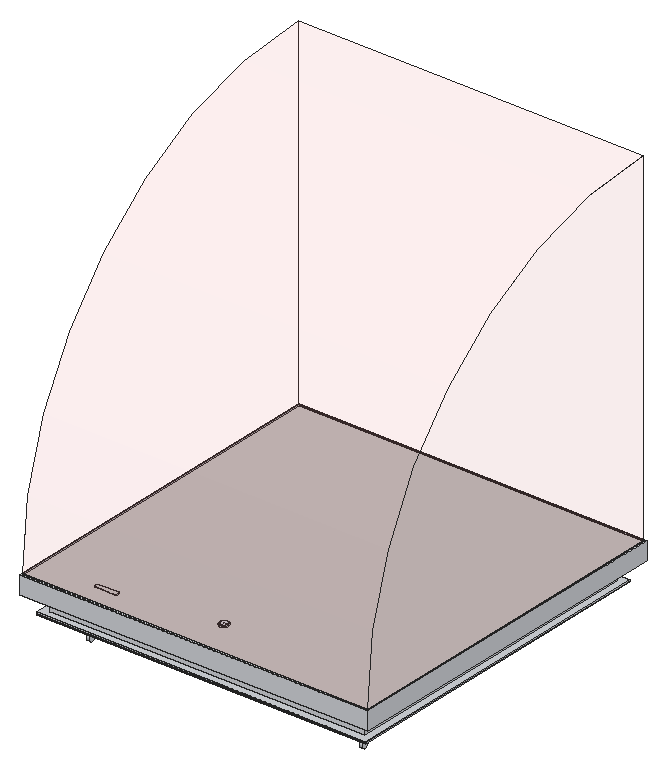
Revit family "Door_Access_Fire-Floor_Acudor_FRFD", category Generic Models, host Face, Revit 2020
Family settings
  Host = Face
  Can host rebar = No
  Round Connector Dimension = Use Diameter
  Part Type = Normal
  Cut with Voids When Loaded = No
  Shared = No
  Room Calculation Point = No
Parameters (values of type "48 x 48 Nom")
  Warranty Duration (Years) = 0
  Unit Width = 4' - 0"
  Unit Weight = 280
  Unit Height = 4' - 0"
  Unit Depth = 0' - 8"
  URL = "http://www.acudor.com/"
  Test Data = ""
  Swing Clearance Visible [instance] = yes
  Standards Conformance = "NFPA 288  ;   ASTM E119  ;  Warnock Hersey International"
  Specification = ""
  SpecWizard = ""
  Send Message = ""
  Sales Information = "http://www.acudor.com/contactus"
  Revision = "R1_2017-03"
  Product Properties = ""
  Product Data = "http://www.arcat.com/arcatcos/cos30/arc30126.html"
  Overall Width = 4' - 10"
  Overall Height = 4' - 10"
  Opening Width = Unit Width  # 4' - 0"
  Opening Height = Unit Height  # 4' - 0"
  Opening Depth [instance] = 1' - 0"
  Model = "FRFD"
  Manufacturer Website = "http://www.acudor.com/"
  Manufacturer Phone - Toll Free = "800-722-0501"
  Manufacturer Phone = "973-575-5120"
  Manufacturer Fax = "973-575-5160"
  Manufacturer Address = "80 Little Falls Rd.  Fairfield, NJ 07004"
  Manufacturer = "Acudor Products Inc"
  Maintenance Schedule (Months) = 0
  Keynote = ""
  Installation-Fabrication = ""
  Installation Phase = ""
  Green Building-LEED = "http://www.arcat.com/green/clients/leed_data_30126.html"
  Fixture Finish [instance] = Metal - Acudor - Aluminum Diamond Plated
  Fire Performance = "2 HR Floor Ceiling Assembly"
  Expected Lifespan (Years) = 0
  Drawn By = "Sumex Design, Inc. / Robert S. Weygant, CSI, CDT, SCIP"
  Door Width = Overall Width - 0' 0 1/2"  # 4' - 9 1/2"
  Door Height = Overall Height - 0' 0 1/2"  # 4' - 9 1/2"
  Description = "Acudor Fire Rated Flush Floor Access Door - FRFD as Specified"
  Default Elevation = 0' - 0"  # constant formula
  Copyright = "©Arcat Inc."
  Construction Details = ""
  Clearance Material [instance] = ARCAT Clearance
  Clear Opening Width = 4' - 0"
  Clear Opening Height = 3' - 8"
  Capacity = "Live Load 150 lbs/sqft"
  Available Options [instance] = "as Specified"
  Assembly Code = ""
Types (9): name | Unit Width | Unit Weight | Unit Height | Overall Width | Overall Height | Opening Width | Opening Height | Door Width | Door Height | Clear Opening Width | Clear Opening Height
  48 x 48 Nom | 4' - 0" | 280 | 4' - 0" | 4' - 10" | 4' - 10" | 4' - 0" | 4' - 0" | 4' - 9 1/2" | 4' - 9 1/2" | 4' - 0" | 3' - 8"
  42 x 42 Nom | 3' - 6" | 250 | 3' - 6" | 4' - 4" | 4' - 4" | 3' - 6" | 3' - 6" | 4' - 3 1/2" | 4' - 3 1/2" | 3' - 6" | 3' - 2"
  36 x 48 Nom | 3' - 0" | 240 | 4' - 0" | 3' - 10" | 4' - 10" | 3' - 0" | 4' - 0" | 3' - 9 1/2" | 4' - 9 1/2" | 4' - 0" | 2' - 8"
  36 x 36 Nom | 3' - 0" | 190 | 3' - 0" | 3' - 10" | 3' - 10" | 3' - 0" | 3' - 0" | 3' - 9 1/2" | 3' - 9 1/2" | 3' - 0" | 2' - 8"
  30 x 36 Nom | 2' - 6" | 160 | 3' - 0" | 3' - 4" | 3' - 10" | 2' - 6" | 3' - 0" | 3' - 3 1/2" | 3' - 9 1/2" | 3' - 0" | 2' - 2"
  30 x 30 Nom | 2' - 6" | 130 | 2' - 6" | 3' - 4" | 3' - 4" | 2' - 6" | 2' - 6" | 3' - 3 1/2" | 3' - 3 1/2" | 2' - 6" | 2' - 2"
  24 x 48 Nom | 2' - 0" | 160 | 4' - 0" | 2' - 10" | 4' - 10" | 2' - 0" | 4' - 0" | 2' - 9 1/2" | 4' - 9 1/2" | 4' - 0" | 1' - 8"
  24 x 36 Nom | 2' - 0" | 140 | 3' - 0" | 2' - 10" | 3' - 10" | 2' - 0" | 3' - 0" | 2' - 9 1/2" | 3' - 9 1/2" | 3' - 0" | 1' - 8"
  24 x 24 Nom | 2' - 0" | 80 | 2' - 0" | 2' - 10" | 2' - 10" | 2' - 0" | 2' - 0" | 2' - 9 1/2" | 2' - 9 1/2" | 2' - 0" | 1' - 8"
Reference planes (in)
  plane 1 "Center (Front/Back)": y = 1.28343
  plane 2: z = 0
  plane 3 "Center (Left/Right)": x = 0
  plane 4: y = 25.28343
  plane 5: y = -22.71657
  plane 6: x = -24
  plane 7: x = 24
  plane 8: z = 0
  plane 9: y = 30.28343
  plane 10: y = -27.71657
  plane 11: x = -29
  plane 12: x = 29
  plane 13: z = -8
  plane 14: x = -24
  plane 15: x = 24
  plane 16: y = 25.28343
  plane 17: y = -22.71657
  plane 18: z = -12
  plane 19: x = -28.75
  plane 20: x = 28.75
Forms (in)
  Extrusion 1, void
    sketch origin (0, 0, 0) x (1, 0, 0) y (0, 1, 0)
      loop
        line (-24, 25.28343) -> (-24, -22.71657) -> (24, -22.71657) -> (24, 25.28343) -> (-24, 25.28343)
    from -12 to 0
  Extrusion 2, void
    sketch origin (0, 0, 0) x (1, 0, 0) y (0, 1, 0)
      loop
        line (-29, 30.28343) -> (-29, -27.71657) -> (29, -27.71657) -> (29, 30.28343) -> (-29, 30.28343)
    from 0 to -3
  Sweep 3, solid
    path origin (0, 0, 0) x (1, 0, 0) y (0, 1, 0)
      loop
        line (-29, 30.28343) -> (-29, -27.71657) -> (29, -27.71657) -> (29, 30.28343) -> (-29, 30.28343)
    profile origin (0, 30.28343, 0) x (0, 1, 0) y (0, 0, 1)
      loop
        line (0, 0) -> (-0.25, 0) -> (-0.25, -2.75) -> (-3, -2.75) -> (-3, -3) -> (0, -3) -> (0, 0)
  Sweep 4, solid
    path origin (0, 0, 0) x (1, 0, 0) y (0, 1, 0)
      loop
        line (-29, 30.28343) -> (-29, -27.71657) -> (29, -27.71657) -> (29, 30.28343) -> (-29, 30.28343)
    profile origin (0, 30.28343, 0) x (0, 1, 0) y (0, 0, 1)
      loop
        line (-3, -3) -> (-3, -6) -> (-1.5, -6) -> (-1.5, -5.75) -> (-2.75, -5.75) -> (-2.75, -3.25) -> (-1.5, -3.25) -> (-1.5, -3) -> (-3, -3)
  Sweep 5, void
    path origin (0, 0, 0) x (1, 0, 0) y (0, 1, 0)
      loop
        line (-26, 27.28343) -> (-26, -24.71657) -> (26, -24.71657) -> (26, 27.28343) -> (-26, 27.28343)
    profile origin (0, 27.28343, 0) x (0, 1, 0) y (0, 0, 1)
      loop
        line (1.5, -3) -> (0, -3) -> (0, -6) -> (1.5, -6) -> (1.5, -5.75) -> (0.25, -5.75) -> (0.25, -3.25) -> (1.5, -3.25) -> (1.5, -3)
  Extrusion 6, void
    sketch origin (0, 0, 0) x (1, 0, 0) y (0, 1, 0)
      loop
        line (-26, 27.28343) -> (-26, -24.71657) -> (26, -24.71657) -> (26, 27.28343) -> (-26, 27.28343)
    from -6 to -3
  Sweep 7, solid
    path origin (0, 0, 0) x (1, 0, 0) y (0, 1, 0)
      loop
        line (-29, 30.28343) -> (-29, -27.71657) -> (29, -27.71657) -> (29, 30.28343) -> (-29, 30.28343)
    profile origin (0, 30.28343, 0) x (0, 1, 0) y (0, 0, 1)
      loop
        line (-1.5, -6) -> (-5, -6) -> (-5, -8) -> (-4.875, -8) -> (-4.875, -6.125) -> (-1.5, -6.125) -> (-1.5, -6)
  Sweep 8, void
    path origin (0, 0, 0) x (1, 0, 0) y (0, 1, 0)
      loop
        line (-29, 30.28343) -> (-29, -27.71657) -> (29, -27.71657) -> (29, 30.28343) -> (-29, 30.28343)
    profile origin (0, 30.28343, 0) x (0, 1, 0) y (0, 0, 1)
      loop
        line (-5, -6) -> (-5, -8) -> (-4.875, -8) -> (-4.875, -6.125) -> (-1.5, -6.125) -> (-1.5, -6) -> (-5, -6)
  Extrusion 9, solid
    sketch origin (0, 0, 0) x (1, 0, 0) y (0, 1, 0)
      loop
        line (-28.75, 30.03343) -> (-28.75, -27.46657) -> (28.75, -27.46657) -> (28.75, 30.03343) -> (-28.75, 30.03343)
    from 0 to -2.75
  Extrusion 10, solid
    sketch origin (0, 0, 0) x (1, 0, 0) y (0, 1, 0)
      loop
        line (-25.5, 26.78343) -> (-25.5, -24.21657) -> (25.5, -24.21657) -> (25.5, 26.78343) -> (-25.5, 26.78343)
    from -6 to -2.75
  Extrusion 11, solid
    sketch origin (24, 19.13326, 48) x (0, 1, 0) y (0, 0, 1)
      loop
        line (-40.34983, -54.125) -> (-40.34983, -55.375) -> (-40.03733, -55.375) -> (-40.03733, -57.68497)
        arc (-40.03733, -57.68497) -> (-39.97483, -58.68105) -> (-39.91233, -57.68497) r 0.5
        line (-39.91233, -57.68497) -> (-39.91233, -55.375) -> (-39.59983, -55.375) -> (-39.59983, -54.125) -> (-40.34983, -54.125)
    from -1.5 to -1
  Extrusion 12, solid
    sketch origin (-24, 19.13326, 48) x (0, 1, 0) y (0, 0, 1)
      loop
        line (-40.34983, -54.125) -> (-40.34983, -55.375) -> (-40.03733, -55.375) -> (-40.03733, -57.68497)
        arc (-40.03733, -57.68497) -> (-39.97483, -58.68105) -> (-39.91233, -57.68497) r 0.5
        line (-39.91233, -57.68497) -> (-39.91233, -55.375) -> (-39.59983, -55.375) -> (-39.59983, -54.125) -> (-40.34983, -54.125)
    from 1.5 to 1
  Extrusion 13, solid, material "Metal - Acudor - Aluminum Diamond Plated" <- "Fixture Finish"
    sketch origin (0, 0, 0) x (1, 0, 0) y (0, 1, 0)
      loop
        arc (-19.31977, -23.40898) -> (-19.49655, -23.48221) -> (-19.56977, -23.65898) r 0.25
        line (-19.56977, -23.65898) -> (-19.56977, -23.90898)
        arc (-19.56977, -23.90898) -> (-19.49655, -24.08576) -> (-19.31977, -24.15898) r 0.25
        line (-19.31977, -24.15898) -> (-16.06977, -24.15898)
        arc (-16.06977, -24.15898) -> (-15.893, -24.08576) -> (-15.81977, -23.90898) r 0.25
        line (-15.81977, -23.90898) -> (-15.81977, -23.65898)
        arc (-15.81977, -23.65898) -> (-15.893, -23.48221) -> (-16.06977, -23.40898) r 0.25
        line (-16.06977, -23.40898) -> (-19.31977, -23.40898)
    from 0 to -2.04273
  Extrusion 14, solid
    sketch origin (0, 0, 0) x (1, 0, 0) y (0, 1, 0)
      loop
        circle (0, -21.49023) r 0.75
    from 0 to 0.0625
  Extrusion 15, solid
    sketch origin (0, 0, 0) x (1, 0, 0) y (0, 1, 0)
      loop
        circle (0, -21.49023) r 0.62422
      loop
        line (-0.56975, -21.39055) -> (-0.56975, -21.5899) -> (0.56975, -21.5899) -> (0.56975, -21.39055) -> (-0.56975, -21.39055)
    from 0 to 0.18343
  Extrusion 16, solid, material "ARCAT Clearance" <- "Clearance Material", visible <- "Swing Clearance Visible"
    sketch origin (0, 0, 0) x (0, 1, 0) y (0, 0, 1)
      loop
        arc (30.03343, 57.5) -> (-10.62521, 40.65864) -> (-27.46657, 0) r 57.5
        line (-27.46657, 0) -> (30.03343, 0) -> (30.03343, 57.5)
    from -28.75 to 28.75
Dimensions and locks (in)
  locked: plane 8 to level
  equal spacing: plane 4, plane 1 "Center (Front/Back)", plane 5
  "Unit Height": plane 4 to plane 5
  equal spacing: plane 6, plane 3 "Center (Left/Right)", plane 7
  "Unit Width": plane 6 to plane 7
  equal spacing: plane 11, plane 3 "Center (Left/Right)", plane 12
  equal spacing: plane 9, plane 1 "Center (Front/Back)", plane 10
  "Overall Width": plane 11 to plane 12
  "Overall Height": plane 9 to plane 10
  "Unit Depth": plane 8 to plane 13
  equal spacing: plane 16, plane 1 "Center (Front/Back)", plane 17
  equal spacing: plane 14, plane 3 "Center (Left/Right)", plane 15
  "Opening Width": plane 14 to plane 15
  "Opening Height": plane 16 to plane 17
  "Opening Depth": level to plane 18
  locked: plane 11 to Sweep 5 sketch curve at 3
  locked: Sweep 5 sketch curve to plane 12 at 3
  locked: plane 9 to Sweep 5 sketch curve at 3
  locked: Sweep 5 sketch curve to plane 10 at 3
  locked: plane 9 to Extrusion 6 sketch curve at 3
  locked: Extrusion 6 sketch curve to plane 10 at 3
  locked: plane 11 to Extrusion 6 sketch curve at 3
  locked: Extrusion 6 sketch curve to plane 12 at 3
  locked: plane 9 to Extrusion 9 sketch curve at 0.25
  locked: plane 11 to Extrusion 9 sketch curve at 0.25
  locked: Extrusion 9 sketch curve to plane 12 at 0.25
  locked: Extrusion 9 sketch curve to plane 10 at 0.25
  locked: plane 9 to Extrusion 10 sketch curve at 3.5
  locked: plane 11 to Extrusion 10 sketch curve at 3.5
  locked: Extrusion 10 sketch curve to plane 12 at 3.5
  locked: Extrusion 10 sketch curve to plane 10 at 3.5
  Extrusion 11 sketch curve to Extrusion 11 sketch curve to Extrusion 11 sketch curve to plane 13 to Extrusion 11 sketch curve = 0' - 1 1/4" locked, 0' - 0" locked, 0' - 0 5/8" locked, 0' - 2.18105" locked
  Extrusion 12 sketch curve to Extrusion 12 sketch curve to Extrusion 12 sketch curve to plane 13 to Extrusion 12 sketch curve = 0' - 1 1/4" locked, 0' - 0" locked, 0' - 0 5/8" locked, 0' - 2.18105" locked
  plane 17 to Extrusion 11 sketch curve to Extrusion 11 sketch curve to Extrusion 11 sketch curve to Extrusion 11 sketch curve to Extrusion 11 sketch curve = 0' - 1 1/2" locked, 0' - 0 5/16" locked, 0' - 0 1/16" locked, 0' - 0 1/16" locked, 0' - 0 5/16" locked
  plane 17 to Extrusion 12 sketch curve to Extrusion 12 sketch curve to Extrusion 12 sketch curve to Extrusion 12 sketch curve to Extrusion 12 sketch curve = 0' - 1 1/2" locked, 0' - 0 5/16" locked, 0' - 0 1/16" locked, 0' - 0 1/16" locked, 0' - 0 5/16" locked
  Extrusion 13 sketch curve to Extrusion 13 sketch curve to plane 10 = 0' - 0 3/4" locked, 0' - 3.55759" locked
  plane 11 to Extrusion 13 sketch curve to Extrusion 13 sketch curve = 0' - 9.43023" locked, 0' - 3 3/4" locked
  Extrusion 15 sketch curve to Extrusion 15 sketch curve to Extrusion 15 sketch curve to plane 10 = 0' - 0.09968" locked, 0' - 0.09968" locked, 0' - 6.12667" locked
  locked: Extrusion 14 sketch curve to plane 10 at 6.22634
  locked: Extrusion 16 sketch curve to plane 9 at 0.25
  locked: plane 10 to Extrusion 16 sketch curve at 0.25
  locked: plane 11 to plane 19 at 0.25
  locked: plane 12 to plane 20 at 0.25
  "Door Height": radius of Extrusion 16 sketch curve
  aligned and locked: host face to plane 2
  aligned and locked: host face to level
  aligned and locked: Extrusion 1 sketch curve to plane 16
  aligned and locked: Extrusion 1 sketch curve to plane 14
  aligned and locked: Extrusion 1 sketch curve to plane 17
  aligned and locked: Extrusion 1 sketch curve to plane 15
  aligned and locked: Extrusion 1 to plane 18
  aligned and locked: plane 8 to Extrusion 1
  aligned and locked: Extrusion 2 sketch curve to plane 9
  aligned and locked: Extrusion 2 sketch curve to plane 11
  aligned and locked: Extrusion 2 sketch curve to plane 10
  aligned and locked: Extrusion 2 sketch curve to plane 12
  aligned and locked: Sweep 3 sketch curve to plane 9
  aligned and locked: Sweep 3 sketch curve to plane 11
  aligned and locked: Sweep 3 sketch curve to plane 10
  aligned and locked: Sweep 3 sketch curve to plane 12
  aligned and locked: Sweep 4 sketch curve to Sweep 3  (x4)
  aligned and locked: Sweep 7 sketch curve to Sweep 3  (x3)
  aligned and locked: Sweep 7 sketch curve to plane 12
  aligned and locked: Sweep 8 sketch curve to Sweep 3  (x4)
  aligned and locked: Extrusion 16 to plane 20
  aligned and locked: Extrusion 16 to plane 19
Automatic sketch dimensions
  host sketch curve to host sketch curve = 12' - 11.75605"
  host sketch curve to host sketch curve = 12' - 7.74281"
  Sweep 3 sketch curve to level = 0' - 0"
  Sweep 3 sketch curve to profile plane = 0' - 0"
  profile plane to Sweep 3 sketch curve = 0' - 0 1/4"
  Sweep 3 sketch curve to Sweep 3 sketch curve = 0' - 2 3/4"  (x2)
  Sweep 3 sketch curve to Sweep 3 sketch curve = 0' - 0 1/4"
  profile plane to Sweep 4 sketch curve = 0' - 3"
  Sweep 4 sketch curve to Sweep 4 sketch curve = 0' - 0 1/4"  (x3)
  Sweep 4 sketch curve to Sweep 4 sketch curve = 0' - 1 1/4"  (x2)
  Sweep 4 sketch curve to level = 0' - 6"
  Sweep 4 sketch curve to Sweep 4 sketch curve = 0' - 2 1/2"
  Sweep 5 sketch curve to profile plane = 0' - 0"
  Sweep 5 sketch curve to profile plane = 0' - 0 1/4"
  Sweep 5 sketch curve to Sweep 5 sketch curve = 0' - 1 1/4"  (x2)
  Sweep 5 sketch curve to level = 0' - 6"
  Sweep 5 sketch curve to Sweep 5 sketch curve = 0' - 0 1/4"  (x2)
  Sweep 5 sketch curve to Sweep 5 sketch curve = 0' - 2 1/2"
  profile plane to Sweep 7 sketch curve = 0' - 5"
  Sweep 7 sketch curve to Sweep 7 sketch curve = 0' - 0 1/8"  (x2)
  Sweep 7 sketch curve to level = 0' - 8"
  Sweep 7 sketch curve to Sweep 7 sketch curve = 0' - 1 7/8"
  profile plane to Sweep 7 sketch curve = 0' - 1 1/2"
  profile plane to Sweep 8 sketch curve = 0' - 5"
  Sweep 8 sketch curve to Sweep 8 sketch curve = 0' - 0 1/8"  (x2)
  profile plane to Sweep 8 sketch curve = 0' - 1 1/2"
  Sweep 8 sketch curve to level = 0' - 8"
  Sweep 8 sketch curve to Sweep 8 sketch curve = 0' - 1 7/8"
  Extrusion 11 sketch curve to Extrusion 11 sketch curve = 0' - 0 127/256"
  Extrusion 12 sketch curve to Extrusion 12 sketch curve = 0' - 0 127/256"
  Extrusion 13 sketch curve to Extrusion 13 sketch curve = 0' - 0 1/4"  (x3)
  Extrusion 13 sketch curve to Extrusion 13 sketch curve = 0' - 0"
  Extrusion 14 sketch curve to plane 3 "Center (Left/Right)" = 0' - 0"
  Extrusion 15 sketch curve to plane 3 "Center (Left/Right)" = 0' - 0"
  Extrusion 15 sketch curve to plane 3 "Center (Left/Right)" = 0' - 0.56975"
  plane 3 "Center (Left/Right)" to Extrusion 15 sketch curve = 0' - 0.56975"
  Extrusion 16 sketch curve to level = 0' - 0"
  radius of Extrusion 14 sketch curve = 0' - 0 3/4"
  radius of Extrusion 15 sketch curve = 0' - 0.62422"
